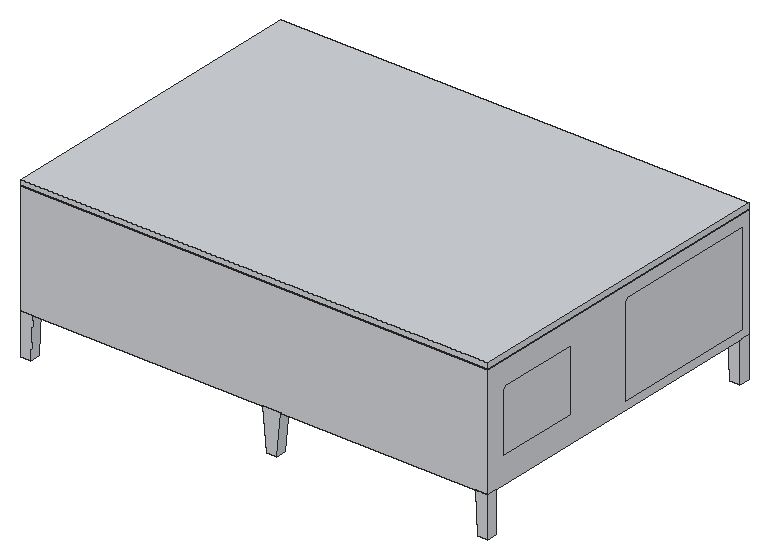
Revit family "AHU 5 _5", category Mechanické zařízení, Revit 2018
Family settings
  Kóta kulaté spojky = Použít průměr
  Typ dílu = Normální
  Číslo OmniClass = 23.75.00.00
  Nadpis OmniClass = Climate Control (HVAC)
  Založené na pracovní rovině = Ne
  Vždy vertikální = Ano
  Ořezat dutým tvarem při načtení = Ne
  Sdílené = Ne
  Bod výpočtu místnosti = Ne
Parameters (values of type "DUPLEXVENT 2500 Multi Eco")
  Width [instance] = 1.6 mm
  Weight [instance] = 324.00 kg
  URL = ""
  Type [instance] = "DUPLEXVENT 2500 Multi Eco"
  Total_SFP [instance] = 0
  Supply_outlet_hum [instance] = 90
  Supply_inlet_hum [instance] = 90
  Supply_ext_pressure [instance] = 0.0 Pa
  Supply_SFP [instance] = 0
  Source_adu_file [instance] = ""
  Recuperation_type [instance] = "Plate heat recovery exchanger"
  Recuperation_efficiency_EN308 [instance] = 0
  Project_name [instance] = ""
  Project_date [instance] = "10.8.2023"
  Power_supply_fusing [instance] = "0"
  Power_supply_cable [instance] = "0"
  Position [instance] = "AHU 5 "
  Phases_count [instance] = 3
  Panel_thickness [instance] = 0.06 mm
  Outer_surface [instance] = "RAL 9002"
  Length [instance] = 2.3 mm
  Insulation_type [instance] = "PUR"
  Insulation_thickness [instance] = 0.05 mm
  Installation_environment [instance] = ""
  Input_power_max [instance] = 5000 W
  Inner_surface [instance] = "Pozink"
  I2 [instance] = I1  # 0.0 L/s
  Height [instance] = 0.58 mm
  Exhaust_outlet_hum [instance] = 0
  Exhaust_inlet_hum [instance] = 40
  Exhaust_ext_pressure [instance] = 0.0 Pa
  Exhaust_SFP [instance] = 0
  E1 [instance] = E2 - M1  # 0.0 L/s
  E2 [instance] = 0.0 L/s
  I1 [instance] = 0.0 L/s
  Description = ""
  M1 [instance] = 0.0 L/s
  Device_dutypoint_version [instance] = "2"
  Device_design_version [instance] = "17"
  Device_adu_id [instance] = "5"
  Current_max [instance] = 8 A
  Casing_mat [instance] = "painted zinc layer"
  Cable type [instance] = "CYKY 5Jx2,5"
Reference planes
  plane 1 "Střed (vpředu/vzadu)": y = 0
  plane 2 "ref": z = 0
  plane 3 "Střed (vlevo/vpravo)": x = 0
Forms (mm)
  Sweep 1, solid
    path origin (0, 0, -550) x (0, 0, 1) y (1, 0, 0)
      loop
        line (0, 0) -> (550, 0)
    profile origin (0, 0, -550) x (1, 0, 0) y (0, 1, 0)
      loop
        line (0, 0) -> (2300, 0) -> (2300, 1600) -> (0, 1600) -> (0, 0)
  Sweep 2, solid
    path origin (0, 0, 0) x (0, 0, 1) y (1, 0, 0)
      loop
        line (0, 0) -> (30, 0)
    profile origin (0, 0, 0) x (1, 0, 0) y (0, 1, 0)
      loop
        line (0, 0) -> (2300, 0) -> (2300, 1600) -> (0, 1600) -> (0, 0)
  Sweep 3, solid
    path origin (1, 300, -270) x (0, 1, 0) y (-1, 0, 0)
      loop
        line (0, 0) -> (0, 1)
    profile origin (1, 300, -270) x (0, -1, 0) y (0, 0, 1)
      loop
        line (-200, 150) -> (-200, -150) -> (200, -150) -> (200, 150) -> (-200, 150)
  Sweep 4, solid
    path origin (2299, 1205, -285) x (1, 0, 0) y (0, 1, 0)
      loop
        line (0, 0) -> (1, 0)
    profile origin (2299, 1205, -285) x (0, 1, 0) y (0, 0, 1)
      loop
        line (355, 225) -> (-355, 225) -> (-355, -225) -> (355, -225) -> (355, 225)
  Sweep 5, solid
    path origin (2299, 300, -270) x (1, 0, 0) y (0, 1, 0)
      loop
        line (0, 0) -> (1, 0)
    profile origin (2299, 300, -270) x (0, 1, 0) y (0, 0, 1)
      loop
        line (200, 150) -> (-200, 150) -> (-200, -150) -> (200, -150) -> (200, 150)
  Sweep 6, solid
    path origin (1, 1205, -285) x (0, 1, 0) y (-1, 0, 0)
      loop
        line (0, 0) -> (0, 1)
    profile origin (1, 1205, -285) x (0, -1, 0) y (0, 0, 1)
      loop
        line (-355, 225) -> (-355, -225) -> (355, -225) -> (355, 225) -> (-355, 225)
  Sweep 7, solid
    path origin (404, 1508, -550) x (0, -1, 0) y (0, 0, 1)
      loop
        line (0, 0) -> (0, -150)
    profile origin (404, 1508, -550) x (-1, 0, 0) y (0, -1, 0)
      loop
        circle (0, 0) r 20
  Sweep 8, solid
    path origin (1208, 1508, -550) x (0, -1, 0) y (0, 0, 1)
      loop
        line (0, 0) -> (0, -150)
    profile origin (1208, 1508, -550) x (-1, 0, 0) y (0, -1, 0)
      loop
        circle (0, 0) r 20
  Sweep 9, solid
    path origin (0, 0, 5) x (0, 0, 1) y (1, 0, 0)
      loop
        line (0, 0) -> (25, 0)
    profile origin (0, 0, 5) x (1, 0, 0) y (0, 1, 0)
      loop
        line (0, 0) -> (2300, 0) -> (2300, 1600) -> (0, 1600) -> (0, 0)
  Sweep 10, solid
    path origin (25, 50, -550) x (1, 0, 0) y (0, 1, 0)
      loop
        line (0, 0) -> (0, -50)
    profile origin (25, 50, -550) x (1, 0, 0) y (0, 0, 1)
      loop
        line (-25, 0) -> (-25, -200) -> (25, -200) -> (35, 0) -> (-25, 0)
  Sweep 11, solid
    path origin (2275, 50, -550) x (1, 0, 0) y (0, 1, 0)
      loop
        line (0, 0) -> (0, -50)
    profile origin (2275, 50, -550) x (1, 0, 0) y (0, 0, 1)
      loop
        line (-35, 0) -> (-25, -200) -> (25, -200) -> (25, 0) -> (-35, 0)
  Sweep 12, solid
    path origin (25, 1600, -550) x (1, 0, 0) y (0, 1, 0)
      loop
        line (0, 0) -> (0, -50)
    profile origin (25, 1600, -550) x (1, 0, 0) y (0, 0, 1)
      loop
        line (-25, 0) -> (-25, -200) -> (25, -200) -> (35, 0) -> (-25, 0)
  Sweep 13, solid
    path origin (2275, 1600, -550) x (1, 0, 0) y (0, 1, 0)
      loop
        line (0, 0) -> (0, -50)
    profile origin (2275, 1600, -550) x (1, 0, 0) y (0, 0, 1)
      loop
        line (-35, 0) -> (-25, -200) -> (25, -200) -> (25, 0) -> (-35, 0)
  Sweep 14, solid
    path origin (1237, 50, -550) x (1, 0, 0) y (0, 1, 0)
      loop
        line (0, 0) -> (0, -50)
    profile origin (1237, 50, -550) x (1, 0, 0) y (0, 0, 1)
      loop
        line (-45, 0) -> (-25, -200) -> (25, -200) -> (45, 0) -> (-45, 0)
  Sweep 15, solid
    path origin (1063, 1600, -550) x (1, 0, 0) y (0, 1, 0)
      loop
        line (0, 0) -> (0, -50)
    profile origin (1063, 1600, -550) x (1, 0, 0) y (0, 0, 1)
      loop
        line (-45, 0) -> (-25, -200) -> (25, -200) -> (45, 0) -> (-45, 0)
  Sweep 16, solid
    path origin (1150, 830, -550) x (1, 0, 0) y (0, 1, 0)
      loop
        line (0, 0) -> (0, -50)
    profile origin (1150, 830, -550) x (1, 0, 0) y (0, 0, 1)
      loop
        line (-45, 0) -> (-25, -200) -> (25, -200) -> (45, 0) -> (-45, 0)
  Sweep 17, solid
    path origin (0, 0, -473) x (0, 0, 1) y (1, 0, 0)
      loop
        line (0, 0) -> (305, 0)
    profile origin (0, 0, -473) x (1, 0, 0) y (0, 1, 0)
      loop
        line (575, 1600) -> (980, 1600) -> (980, 1690) -> (575, 1690) -> (575, 1600)
  Sweep 18, solid
    path origin (575, 1645, -321) x (0, 0, -1) y (1, 0, 0)
      loop
        line (0, 0) -> (0, -1)
    profile origin (575, 1645, -321) x (0, 0, -1) y (0, -1, 0)
      loop
        circle (0, 0) r 10
Lines and regions (mm)
  model lines, style "Symbol"
    curve 1: line (943, 0, 30) -> (943, 320, 30)
    curve 2: line (943, 1600, 30) -> (943, 1280, 30)
    curve 3: line (0, 800, 30) -> (463, 800, 30)
    curve 4: line (2300, 800, 30) -> (1423, 800, 30)
    curve 5: line (463, 800, 30) -> (703, 1280, 30)
    curve 6: line (703, 1280, 30) -> (1183, 1280, 30)
    curve 7: line (1183, 1280, 30) -> (1423, 800, 30)
    curve 8: line (1423, 800, 30) -> (1183, 320, 30)
    curve 9: line (1183, 320, 30) -> (943, 320, 30)
    curve 10: line (943, 320, 30) -> (703, 320, 30)
    curve 11: line (703, 320, 30) -> (463, 800, 30)
    curve 12: line (1948, 1314, 30) -> (2204, 1270, 30)
    curve 13: line (1948, 1086, 30) -> (2204, 1130, 30)
    curve 14: line (352, 1086, 30) -> (96, 1130, 30)
    curve 15: line (352, 1314, 30) -> (96, 1270, 30)
    curve 16: line (46, 160, 30) -> (46, 640, 30)
    curve 17: line (46, 640, 30) -> (184, 640, 30)
    curve 18: line (184, 640, 30) -> (184, 160, 30)
    curve 19: line (184, 160, 30) -> (46, 160, 30)
    curve 20: line (115, 160, 30) -> (184, 400, 30)
    curve 21: line (115, 640, 30) -> (184, 400, 30)
    curve 22: line (2254, 640, 30) -> (2254, 160, 30)
    curve 23: line (2254, 160, 30) -> (2116, 160, 30)
    curve 24: line (2116, 160, 30) -> (2116, 640, 30)
    curve 25: line (2116, 640, 30) -> (2254, 640, 30)
    curve 26: line (2185, 640, 30) -> (2116, 400, 30)
    curve 27: line (2185, 160, 30) -> (2116, 400, 30)
    curve 28: line (616, 280, 30) -> (398, 708, 30)
    curve 29: line (398, 708, 30) -> (470, 744, 30)
    curve 30: line (470, 744, 30) -> (688, 316, 30)
    curve 31: line (688, 316, 30) -> (616, 280, 30)
    curve 32: line (485, 554, 30) -> (513, 641, 30)
    curve 33: line (573, 383, 30) -> (601, 470, 30)
    curve 34: line (378, 1508, -550) -> (430, 1508, -550)
    curve 35: line (404, 1482, -550) -> (404, 1534, -550)
    curve 36: line (1182, 1508, -550) -> (1234, 1508, -550)
    curve 37: line (1208, 1482, -550) -> (1208, 1534, -550)
    curve 38: line (0, 0, 1230) -> (0, 0, 30)
    curve 39: line (2300, 0, 1230) -> (2300, 0, 30)
    curve 40: line (0, 0, 1230) -> (2300, 0, 1230)
    curve 41: line (0, 1600, 1230) -> (0, 1600, 30)
    curve 42: line (2300, 1600, 1230) -> (2300, 1600, 30)
    curve 43: line (0, 1600, 1230) -> (2300, 1600, 1230)
    curve 44: line (0, 0, 1230) -> (0, 1600, 1230)
    curve 45: line (2300, 0, 1230) -> (2300, 1600, 1230)
    curve 46: line (0, 1400, 1230) -> (200, 1600, 1230)
    curve 47: line (0, 1200, 1230) -> (400, 1600, 1230)
    curve 48: line (0, 1000, 1230) -> (600, 1600, 1230)
    curve 49: line (0, 800, 1230) -> (800, 1600, 1230)
    curve 50: line (0, 600, 1230) -> (1000, 1600, 1230)
    curve 51: line (0, 400, 1230) -> (1200, 1600, 1230)
    curve 52: line (0, 200, 1230) -> (1400, 1600, 1230)
    curve 53: line (0, 0, 1230) -> (1600, 1600, 1230)
    curve 54: line (200, 0, 1230) -> (1800, 1600, 1230)
    curve 55: line (400, 0, 1230) -> (2000, 1600, 1230)
    curve 56: line (600, 0, 1230) -> (2200, 1600, 1230)
    curve 57: line (800, 0, 1230) -> (2300, 1500, 1230)
    curve 58: line (1000, 0, 1230) -> (2300, 1300, 1230)
    curve 59: line (1200, 0, 1230) -> (2300, 1100, 1230)
    curve 60: line (1400, 0, 1230) -> (2300, 900, 1230)
    curve 61: line (1600, 0, 1230) -> (2300, 700, 1230)
    curve 62: line (1800, 0, 1230) -> (2300, 500, 1230)
    curve 63: line (2000, 0, 1230) -> (2300, 300, 1230)
    curve 64: line (2200, 0, 1230) -> (2300, 100, 1230)
    curve 65: line (2300, 1400, 1230) -> (2300, 1600, 1030)
    curve 66: line (2300, 1200, 1230) -> (2300, 1600, 830)
    curve 67: line (2300, 1000, 1230) -> (2300, 1600, 630)
    curve 68: line (2300, 800, 1230) -> (2300, 1600, 430)
    curve 69: line (2300, 600, 1230) -> (2300, 1600, 230)
    curve 70: line (2300, 400, 1230) -> (2300, 1600, 30)
    curve 71: line (2300, 200, 1230) -> (2300, 1400, 30)
    curve 72: line (2300, 0, 1230) -> (2300, 1200, 30)
    curve 73: line (2300, 0, 1030) -> (2300, 1000, 30)
    curve 74: line (2300, 0, 830) -> (2300, 800, 30)
    curve 75: line (2300, 0, 630) -> (2300, 600, 30)
    curve 76: line (2300, 0, 430) -> (2300, 400, 30)
    curve 77: line (2300, 0, 230) -> (2300, 200, 30)
    curve 78: line (0, 1600, 1030) -> (200, 1600, 1230)
    curve 79: line (0, 1600, 830) -> (400, 1600, 1230)
    curve 80: line (0, 1600, 630) -> (600, 1600, 1230)
    curve 81: line (0, 1600, 430) -> (800, 1600, 1230)
    curve 82: line (0, 1600, 230) -> (1000, 1600, 1230)
    curve 83: line (0, 1600, 30) -> (1200, 1600, 1230)
    curve 84: line (200, 1600, 30) -> (1400, 1600, 1230)
    curve 85: line (400, 1600, 30) -> (1600, 1600, 1230)
    curve 86: line (600, 1600, 30) -> (1800, 1600, 1230)
    curve 87: line (800, 1600, 30) -> (2000, 1600, 1230)
    curve 88: line (1000, 1600, 30) -> (2200, 1600, 1230)
    curve 89: line (1200, 1600, 30) -> (2300, 1600, 1130)
    curve 90: line (1400, 1600, 30) -> (2300, 1600, 930)
    curve 91: line (1600, 1600, 30) -> (2300, 1600, 730)
    curve 92: line (1800, 1600, 30) -> (2300, 1600, 530)
    curve 93: line (2000, 1600, 30) -> (2300, 1600, 330)
    curve 94: line (2200, 1600, 30) -> (2300, 1600, 130)
    curve 95: line (0, 2320, 0) -> (0, 1600, 0)
    curve 96: line (2300, 2320, 0) -> (2300, 1600, 0)
    curve 97: line (0, 2320, 0) -> (2300, 2320, 0)
    curve 98: line (0, 2320, -550) -> (0, 1600, -550)
    curve 99: line (2300, 2320, -550) -> (2300, 1600, -550)
    curve 100: line (0, 2320, -550) -> (2300, 2320, -550)
    curve 101: line (0, 2320, 0) -> (0, 2320, -550)
    curve 102: line (2300, 2320, 0) -> (2300, 2320, -550)
    curve 103: line (0, 2320, -350) -> (200, 2320, -550)
    curve 104: line (0, 2320, -150) -> (400, 2320, -550)
    curve 105: line (50, 2320, 0) -> (600, 2320, -550)
    curve 106: line (250, 2320, 0) -> (800, 2320, -550)
    curve 107: line (450, 2320, 0) -> (1000, 2320, -550)
    curve 108: line (650, 2320, 0) -> (1200, 2320, -550)
    curve 109: line (850, 2320, 0) -> (1400, 2320, -550)
    curve 110: line (1050, 2320, 0) -> (1600, 2320, -550)
    curve 111: line (1250, 2320, 0) -> (1800, 2320, -550)
    curve 112: line (1450, 2320, 0) -> (2000, 2320, -550)
    curve 113: line (1650, 2320, 0) -> (2200, 2320, -550)
    curve 114: line (1850, 2320, 0) -> (2300, 2320, -450)
    curve 115: line (2050, 2320, 0) -> (2300, 2320, -250)
    curve 116: line (2250, 2320, 0) -> (2300, 2320, -50)
    curve 117: line (2300, 2320, -350) -> (2300, 2120, -550)
    curve 118: line (2300, 2320, -150) -> (2300, 1920, -550)
    curve 119: line (2300, 2270, 0) -> (2300, 1720, -550)
    curve 120: line (2300, 2070, 0) -> (2300, 1600, -470)
    curve 121: line (2300, 1870, 0) -> (2300, 1600, -270)
    curve 122: line (2300, 1670, 0) -> (2300, 1600, -70)
    curve 123: line (0, 2120, -550) -> (200, 2320, -550)
    curve 124: line (0, 1920, -550) -> (400, 2320, -550)
    curve 125: line (0, 1720, -550) -> (600, 2320, -550)
    curve 126: line (80, 1600, -550) -> (800, 2320, -550)
    curve 127: line (280, 1600, -550) -> (1000, 2320, -550)
    curve 128: line (480, 1600, -550) -> (1200, 2320, -550)
    curve 129: line (680, 1600, -550) -> (1400, 2320, -550)
    curve 130: line (880, 1600, -550) -> (1600, 2320, -550)
    curve 131: line (1080, 1600, -550) -> (1800, 2320, -550)
    curve 132: line (1280, 1600, -550) -> (2000, 2320, -550)
    curve 133: line (1480, 1600, -550) -> (2200, 2320, -550)
    curve 134: line (1680, 1600, -550) -> (2300, 2220, -550)
    curve 135: line (1880, 1600, -550) -> (2300, 2020, -550)
    curve 136: line (2080, 1600, -550) -> (2300, 1820, -550)
    curve 137: line (2280, 1600, -550) -> (2300, 1620, -550)
    curve 138: line (2300, 0, -750) -> (2300, 0, -550)
    curve 139: line (0, 0, -750) -> (0, 0, -550)
    curve 140: line (2300, 0, -750) -> (0, 0, -750)
    curve 141: line (2300, 1600, -750) -> (2300, 1600, -550)
    curve 142: line (0, 1600, -750) -> (0, 1600, -550)
    curve 143: line (2300, 1600, -750) -> (0, 1600, -750)
    curve 144: line (2300, 0, -750) -> (2300, 1600, -750)
    curve 145: line (0, 0, -750) -> (0, 1600, -750)
    curve 146: line (2300, 1400, -750) -> (2100, 1600, -750)
    curve 147: line (2300, 1200, -750) -> (1900, 1600, -750)
    curve 148: line (2300, 1000, -750) -> (1700, 1600, -750)
    curve 149: line (2300, 800, -750) -> (1500, 1600, -750)
    curve 150: line (2300, 600, -750) -> (1300, 1600, -750)
    curve 151: line (2300, 400, -750) -> (1100, 1600, -750)
    curve 152: line (2300, 200, -750) -> (900, 1600, -750)
    curve 153: line (2300, 0, -750) -> (700, 1600, -750)
    curve 154: line (2100, 0, -750) -> (500, 1600, -750)
    curve 155: line (1900, 0, -750) -> (300, 1600, -750)
    curve 156: line (1700, 0, -750) -> (100, 1600, -750)
    curve 157: line (1500, 0, -750) -> (0, 1500, -750)
    curve 158: line (1300, 0, -750) -> (0, 1300, -750)
    curve 159: line (1100, 0, -750) -> (0, 1100, -750)
    curve 160: line (900, 0, -750) -> (0, 900, -750)
    curve 161: line (700, 0, -750) -> (0, 700, -750)
    curve 162: line (500, 0, -750) -> (0, 500, -750)
    curve 163: line (300, 0, -750) -> (0, 300, -750)
    curve 164: line (100, 0, -750) -> (0, 100, -750)
    curve 165: line (0, 1400, -750) -> (0, 1600, -550)
    curve 166: line (0, 1200, -750) -> (0, 1400, -550)
    curve 167: line (0, 1000, -750) -> (0, 1200, -550)
    curve 168: line (0, 800, -750) -> (0, 1000, -550)
    curve 169: line (0, 600, -750) -> (0, 800, -550)
    curve 170: line (0, 400, -750) -> (0, 600, -550)
    curve 171: line (0, 200, -750) -> (0, 400, -550)
    curve 172: line (0, 0, -750) -> (0, 200, -550)
    curve 173: line (2300, 1600, -550) -> (2100, 1600, -750)
    curve 174: line (2100, 1600, -550) -> (1900, 1600, -750)
    curve 175: line (1900, 1600, -550) -> (1700, 1600, -750)
    curve 176: line (1700, 1600, -550) -> (1500, 1600, -750)
    curve 177: line (1500, 1600, -550) -> (1300, 1600, -750)
    curve 178: line (1300, 1600, -550) -> (1100, 1600, -750)
    curve 179: line (1100, 1600, -550) -> (900, 1600, -750)
    curve 180: line (900, 1600, -550) -> (700, 1600, -750)
    curve 181: line (700, 1600, -550) -> (500, 1600, -750)
    curve 182: line (500, 1600, -550) -> (300, 1600, -750)
    curve 183: line (300, 1600, -550) -> (100, 1600, -750)
    curve 184: line (100, 1600, -550) -> (0, 1600, -650)
    curve 185: line (0, 0, 30) -> (0, 1600, 30)
    curve 186: line (0, 1600, 30) -> (920, 1600, 30)
    curve 187: line (920, 1600, 30) -> (920, 0, 30)
    curve 188: line (920, 0, 30) -> (0, 0, 30)
    curve 189: line (1180, 0, 30) -> (1180, 1600, 30)
    curve 190: line (1180, 1600, 30) -> (2300, 1600, 30)
    curve 191: line (2300, 1600, 30) -> (2300, 0, 30)
    curve 192: line (2300, 0, 30) -> (1180, 0, 30)
    curve 193: line (0, 0, 30) -> (2300, 0, 30)
    curve 194: line (0, 1600, 30) -> (2300, 1600, 30)
    curve 195: line (0, 0, 30) -> (0, 1600, 30)
    curve 196: line (2300, 0, 30) -> (2300, 1600, 30)
    curve 197: line (0, 0, 30) -> (0, 0, 5)
    curve 198: line (2300, 0, 30) -> (2300, 0, 5)
    curve 199: line (0, 1600, 30) -> (0, 1600, 5)
    curve 200: line (2300, 1600, 30) -> (2300, 1600, 5)
    curve 201: circle (2060, 1200, 30) r 160 normal (0, 0, 1)
    curve 202: circle (240, 1200, 30) r 160 normal (0, 0, 1)
    curve 203: circle (499, 598, 30) r 12 normal (0, 0, 1)
    curve 204: circle (587, 426, 30) r 12 normal (0, 0, 1)
    curve 205: circle (404, 1508, -550) r 20 normal (0, 0, 1)
    curve 206: circle (1208, 1508, -550) r 20 normal (0, 0, 1)
Dimensions and locks
  aligned and locked: level to plane 2 "ref"
Connectors
  hvac at (0, 300, -270), driven by "E1"
    settings: on Sweep 3, index 1, duct flow 0.0 L/s, flow factor 0, pres drop 0.0 Pa, loss coef 0, conn angle 0.00°, conn width 400 mm, conn height 300 mm, conn diameter 609.6 mm, duct sys type 1, conn prof type 1, flow config 1, flow direction 1, loss method 0, conn ref index -1, conn util no, is conn primary yes, conn desc ""
  hvac at (2300, 1205, -285), driven by "E2"
    settings: on Sweep 4, index 2, duct flow 0.0 L/s, flow factor 1, pres drop 0.0 Pa, loss coef 0, conn angle 0.00°, conn width 710 mm, conn height 450 mm, conn diameter 609.6 mm, duct sys type 1, conn prof type 1, flow config 2, flow direction 2, loss method 0, conn ref index -1, conn util no, is conn primary no, conn desc ""
  hvac at (2300, 300, -270), driven by "I1"
    settings: on Sweep 5, index 3, duct flow 0.0 L/s, flow factor 1, pres drop 0.0 Pa, loss coef 0, conn angle 0.00°, conn width 400 mm, conn height 300 mm, conn diameter 609.6 mm, duct sys type 3, conn prof type 1, flow config 2, flow direction 1, loss method 0, conn ref index -1, conn util no, is conn primary no, conn desc ""
  hvac at (0, 1205, -285), driven by "I2"
    settings: on Sweep 6, index 4, duct flow 0.0 L/s, flow factor 0, pres drop 0.0 Pa, loss coef 0, conn angle 0.00°, conn width 710 mm, conn height 450 mm, conn diameter 609.6 mm, duct sys type 3, conn prof type 1, flow config 1, flow direction 2, loss method 0, conn ref index -1, conn util no, is conn primary no, conn desc ""
  piping at (404, 1508, -700), diameter 40
    settings: on Sweep 7, index 5, connector inside diameter 609.6 mm, connector length 0 mm, flow factor 0, pipe flow 0.0 L/s, pressure drop 0.0 Pa, fitting loss kfactor 0, connector angle 0.00°, fixture units 0, engagement length 0 mm, angle of deflection 0.00°, flow configuration 1, flow direction 2, fitting loss method 0, system type 16, joint type 0, gender type 0, connector reference index -1, connector utility 0, adjustable connector no, is connector primary yes, connector description ""
  piping at (1208, 1508, -700), diameter 40
    settings: on Sweep 8, index 6, connector inside diameter 609.6 mm, connector length 0 mm, flow factor 0, pipe flow 0.0 L/s, pressure drop 0.0 Pa, fitting loss kfactor 0, connector angle 0.00°, fixture units 0, engagement length 0 mm, angle of deflection 0.00°, flow configuration 1, flow direction 2, fitting loss method 0, system type 16, joint type 0, gender type 0, connector reference index -1, connector utility 0, adjustable connector no, is connector primary no, connector description ""
  electrical at (574, 1645, -321)
    settings: on Sweep 18, index 7, voltage 400 V, apparent load 0 VA, apparent load phase1 0 VA, apparent load phase2 0 VA, apparent load phase3 0 VA, power factor 1, load classification "Další", number of poles 3, system type 31, power factor state 1, is connector primary yes, connector utility no, sub classification motor no, connector description ""
